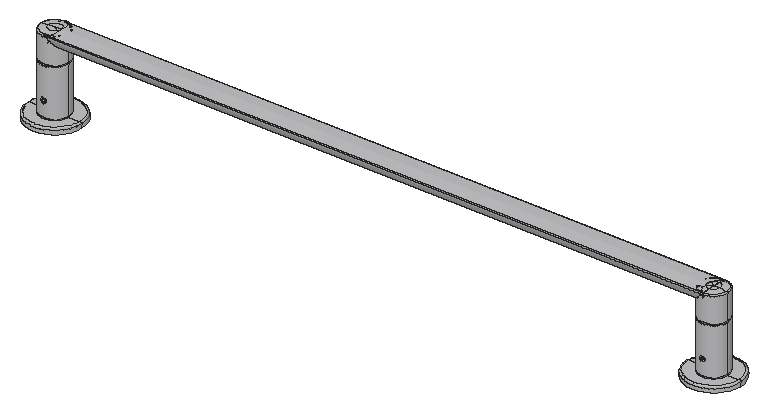
Revit family "Accessory-Towel_Bar-KALLISTA-Capsule-P34137", category Specialty Equipment, host Face, Revit 2021
Family settings
  Host = Face
  Round Connector Dimension = Use Diameter
  Part Type = Normal
  OmniClass Number = 23.31.25.00
  OmniClass Title = Toilet and Bath Specialties
  Cut with Voids When Loaded = No
  Shared = No
  Room Calculation Point = No
Parameters (values of type "CP-Chrome")
  Width = 2 61/64"  # constant formula
  WaterSense Certified = 1 = 0  # no
  URL = "https://www.kallista.com/"
  Type = 1
  Product Page URL = ""
  Product Name = "Capsule"  # constant formula
  Product Documentation Link = ""
  Model = if(Type = 1, "P34137-00-CP", if(Type = 2, "P34137-00-SN", if(Type = 3, "P34137-00-BAF", if(Type = 4, "P34137-00-BL", if(Type = 5, "P34137-00-BN", "NA")))))  # "P34137-00-CP"
  Material = "Premium Metal Construction"  # constant formula
  Master Format 2014 Name = "Toilet, Bath, and Laundry Accessories"  # constant formula
  Master Format 2014 = "10 28 00"  # constant formula
  Manufacturer Address = "444 Highland Dr, Kohler, WI 53044"  # constant formula
  Manufacturer = "Kallista Co."  # constant formula
  Length = 25 31/32"  # constant formula
  Height = 1 31/32"  # constant formula
  Finish = Kallista-Metal-CP-Chrome
  Environmental Product Declaration = ""
  Description = "Capsule 24 Towel bar"  # constant formula
  Default Elevation = 42"
  Declare Label = ""
  Date Modified = "08/29/2023"  # constant formula
  Date Created = "08/29/2023"  # constant formula
  Copyright = "Copyright Kallista Co."  # constant formula
  Contact Us = "https://www.kallista.com/corporate/contact-us/"
  Assembly Code = "C1030200"
  ADA Compliant = 1 = 0  # no
Types (6): name | Type | Model | Finish
  (no name) | 1 | "P34137-00-CP" | Kallista-Metal-CP-Chrome
  CP-Chrome | 1 | "P34137-00-CP" | Kallista-Metal-CP-Chrome
  SN-Polished Nickel | 2 | "P34137-00-SN" | Kallista-Metal-SN-Polished_Nickel
  BAF-Brushed French Gold | 3 | "P34137-00-BAF" | Kallista-Metal-BAF-Brushed_French_Gold
  BL-Matte Black | 4 | "P34137-00-BL" | Kalista-Metal-BL-Matte_Black
  BN-Brushed Nickel | 5 | "P34137-00-BN" | Kallista-Metal-BN-Brushed_Nickel
Reference planes (in)
  plane 1 "Center (Front/Back)": y = 0
  plane 2: z = 0
  plane 3 "Center (Left/Right)": x = 0
  plane 4: y = 0.98425
  plane 5: y = -0.9845
  plane 6: y = 0.50984
  plane 7: y = -0.50984
  plane 8: x = -12.98425
  plane 9: x = -11.01575
  plane 10: x = -11.49016
  plane 11: x = -12
  plane 12: x = -12.50984
  plane 13: x = 12.9845
  plane 14: x = 12.50984
  plane 15: x = 12
  plane 16: x = 11.49016
  plane 17: x = 11.01599
  plane 18: z = 2.95312
  plane 19: z = 2.9252
  plane 20: z = 0.19685
  plane 21: z = 2.44919
Dimensions and locks (in)
  plane 8 to plane 13 = 25 31/32"
  plane 8 to plane 9 = 1.9685"
  plane 17 to plane 13 = 1.9685"
  plane 16 to plane 14 = 1.01969"  (x2)
  plane 12 to plane 10 = 1.01969"  (x2)
  plane 11 to plane 15 = 24"
  plane 4 to plane 5 = 1 31/32"  (x2)
  plane 6 to plane 7 = 1.01969"
  "Height": plane 4 to plane 5
  "Length": plane 8 to plane 13
  "Width": plane 18 to plane 2
  plane 2 to plane 19 = 2.9252"
  plane 2 to plane 20 = 0.19685"  (x2)
  plane 21 to plane 18 = 0.50394"
  plane 18 to plane 2 = 2 61/64"
  aligned and locked: plane 2 to host face
  aligned and locked: level to host face
Automatic sketch dimensions
  host sketch curve to host sketch curve = 96"  (x2)
Nested families (in)
  nested 1: "P34137" at (0, 0, 0), type "P34137"
Definition of nested family "P34137"
  Parameters
    Material = none
    Default Elevation = 0"
  Reference planes (in)
    plane 1 "Center (Front/Back)": y = 0
    plane 2: z = 0
    plane 3 "Center (Left/Right)": x = 0
    plane 4: z = 2.44882
    plane 5: z = 2.9252
    plane 6: z = 0.19685
    plane 7: z = 2.95276
    plane 8: y = 0.98425
    plane 9: y = -0.98425
    plane 10: y = -0.50984
    plane 11: y = 0.50984
    plane 12: x = 12
    plane 13: x = -12
    plane 14: x = -12.98425
    plane 15: x = 12.98425
    plane 16: x = -11.01575
    plane 17: x = 11.01575
    plane 18: x = 12.50984
    plane 19: x = 11.49016
    plane 20: x = -11.49016
    plane 21: x = -12.50984
  Forms (in)
    Extrusion 1, solid, material <- "Material", detail levels medium+fine
      sketch origin (0, 0, 0) x (0, 1, 0) y (0, 0, 1)
        loop
          arc (-0.47114, 2.91944) -> (-0.49705, 2.90388) -> (-0.50407, 2.87448) r 0.039
          arc (-0.50407, 2.87448) -> (0, 2.44685) -> (0.50407, 2.87448) r 0.5109
          arc (0.50407, 2.87448) -> (0.49705, 2.90388) -> (0.47114, 2.91944) r 0.039
          arc (0.47114, 2.91944) -> (0, 2.95314) -> (-0.47114, 2.91944) r 3.31001
      from -11.99786 to 12.0007
    Revolve 2, solid, material <- "Material", detail levels medium+fine
      sketch origin (-3.00168, 0, 0) x (1, 0, 0) y (0, 0, 1)
        loop
          line (-9, 0.19685) -> (-9.92679, 0.19685)
          arc (-9.92679, 0.19685) -> (-9.96742, 0.18002) -> (-9.98425, 0.13939) r 0.05746
          line (-9.98425, 0.13939) -> (-9.98425, 0) -> (-9, 0) -> (-9, 0.19685)
        axis (-9, 0.19685) -> (-9, 0)
      angle from 0 to 360
    Revolve 3, solid, material <- "Material", detail levels medium+fine
      sketch origin (3.00434, 0, 0) x (-1, 0, 0) y (0, 0, -1)
        loop
          line (-9, -0.19685) -> (-9, 0) -> (-9.98425, 0) -> (-9.98425, -0.13939)
          arc (-9.98425, -0.13939) -> (-9.96742, -0.18002) -> (-9.92679, -0.19685) r 0.05746
          line (-9.92679, -0.19685) -> (-9, -0.19685)
        axis (-9, -0.19685) -> (-9, 0)
      angle from 0 to 360
    Revolve 4, solid, material <- "Material", detail levels medium+fine
      sketch origin (-3.00168, 0, 0) x (1, 0, 0) y (0, 0, 1)
        loop
          line (-9, 1.9476) -> (-9.4895, 1.9476)
          arc (-9.4895, 1.9476) -> (-9.50388, 1.94165) -> (-9.50984, 1.92726) r 0.02034
          line (-9.50984, 1.92726) -> (-9.50984, 0.21695)
          arc (-9.50984, 0.21695) -> (-9.50396, 0.20274) -> (-9.48975, 0.19685) r 0.02009
          line (-9.48975, 0.19685) -> (-9, 0.19685) -> (-9, 1.9476)
        axis (-9, 1.9476) -> (-9, 0.19685)
      angle from 0 to 360
    Revolve 5, solid, material <- "Material", detail levels medium+fine
      sketch origin (3.00434, 0, 0) x (-1, 0, 0) y (0, 0, -1)
        loop
          line (-9, -1.9476) -> (-9, -0.19685) -> (-9.48975, -0.19685)
          arc (-9.48975, -0.19685) -> (-9.50396, -0.20274) -> (-9.50984, -0.21695) r 0.02009
          line (-9.50984, -0.21695) -> (-9.50984, -1.92726)
          arc (-9.50984, -1.92726) -> (-9.50388, -1.94165) -> (-9.4895, -1.9476) r 0.02034
          line (-9.4895, -1.9476) -> (-9, -1.9476)
        axis (-9, -1.9476) -> (-9, -0.19685)
      angle from 0 to 360
    Revolve 6, solid, material <- "Material", detail levels medium+fine
      sketch origin (-3.00168, 0, 0) x (1, 0, 0) y (0, 0, 1)
        loop
          arc (-9, 2.95253) -> (-9.11451, 2.95022) -> (-9.22891, 2.94453) r 3.86873
          arc (-9.22891, 2.94453) -> (-9.35299, 2.934) -> (-9.47655, 2.91848) r 3.08924
          arc (-9.47655, 2.91848) -> (-9.50035, 2.90542) -> (-9.50982, 2.87998) r 0.0389
          line (-9.50982, 2.87998) -> (-9.50982, 1.96836)
          arc (-9.50982, 1.96836) -> (-9.50386, 1.95395) -> (-9.48945, 1.94798) r 0.02037
          line (-9.48945, 1.94798) -> (-9, 1.94798) -> (-9, 2.95253)
        axis (-9, 2.95253) -> (-9, 1.94798)
      angle from 0 to 360
    Revolve 7, solid, material <- "Material", detail levels medium+fine
      sketch origin (3.00434, 0, 0) x (-1, 0, 0) y (0, 0, -1)
        loop
          line (-9, -2.95253) -> (-9, -1.94798) -> (-9.48945, -1.94798)
          arc (-9.48945, -1.94798) -> (-9.50386, -1.95395) -> (-9.50982, -1.96836) r 0.02037
          line (-9.50982, -1.96836) -> (-9.50982, -2.87998)
          arc (-9.50982, -2.87998) -> (-9.50035, -2.90542) -> (-9.47655, -2.91848) r 0.0389
          arc (-9.47655, -2.91848) -> (-9.35299, -2.934) -> (-9.22891, -2.94453) r 3.08924
          arc (-9.22891, -2.94453) -> (-9.11451, -2.95022) -> (-9, -2.95253) r 3.86873
        axis (-9, -2.95253) -> (-9, -1.94798)
      angle from 0 to 360
    Extrusion 8, void
      sketch origin (-3.00168, 0, 0) x (1, 0, 0) y (0, 0, 1)
        loop
          line (-8.97159, 0.83661) -> (-9.02841, 0.83661) -> (-9.05682, 0.7874) -> (-9.02841, 0.73819) -> (-8.97159, 0.73819) -> (-8.94317, 0.7874) -> (-8.97159, 0.83661)
      from 0.27559 to 0.92458
    Blend 9, void
      base sketch origin (-3.00168, 0, 0) x (1, 0, 0) y (0, 0, 1)
        loop
          circle (-9.0011, 0.78764) r 0.07764
      top sketch origin (-3.00168, 0, 0) x (1, 0, 0) y (0, 0, 1)
        loop
          circle (-9.0011, 0.78764) r 0.10378
      from 0.20301 to 0.64422
    Extrusion 10, solid, detail levels medium+fine
      sketch origin (-3.00168, 0, 0) x (1, 0, 0) y (0, 0, 1)
        loop
          circle (-8.99806, 0.78716) r 0.0837
      from 0.44644 to 0.4968
    Extrusion 11, void
      sketch origin (3.00134, 0, 0) x (-1, 0, 0) y (0, 0, -1)
        loop
          line (-8.97159, -0.83661) -> (-8.94317, -0.7874) -> (-8.97159, -0.73819) -> (-9.02841, -0.73819) -> (-9.05682, -0.7874) -> (-9.02841, -0.83661) -> (-8.97159, -0.83661)
      from 0.27559 to 0.92458
    Blend 12, void
      base sketch origin (3.00155, 0, 0) x (-1, 0, 0) y (0, 0, -1)
        loop
          circle (-9.0011, -0.78764) r 0.07764
      top sketch origin (3.00155, 0, 0) x (-1, 0, 0) y (0, 0, -1)
        loop
          circle (-9.0011, -0.78764) r 0.10378
      from 0.20301 to 0.64422
    Extrusion 13, solid, detail levels medium+fine
      sketch origin (3.00434, 0, 0) x (-1, 0, 0) y (0, 0, -1)
        loop
          circle (-8.99806, -0.78716) r 0.0837
      from 0.44644 to 0.4968
    Extrusion 14, void
      sketch origin (-3.00174, 0, 0) x (1, 0, 0) y (0, 1, 0)
        loop
          circle (-7.20381, -0.00084) r 0.07874
      from 2.44685 to 2.5183
    Extrusion 15, solid, detail levels medium+fine
      sketch origin (-3.00197, 0, 0) x (1, 0, 0) y (0, 1, 0)
        loop
          circle (-7.20381, -0.00084) r 0.07539
      from 2.44685 to 2.50138
    Extrusion 16, void
      sketch origin (3.00174, 0, 0) x (-1, 0, 0) y (0, -1, 0)
        loop
          circle (-7.20381, 0.00084) r 0.07874
      from 2.44685 to 2.5183
    Extrusion 17, solid, detail levels medium+fine
      sketch origin (3.00197, 0, 0) x (-1, 0, 0) y (0, -1, 0)
        loop
          circle (-7.20381, 0.00084) r 0.07539
      from 2.44685 to 2.50138
    Revolve 18, solid, material <- "Material", detail levels coarse
      sketch origin (0, 0, 0) x (1, 0, 0) y (0, 0, 1)
        loop
          line (-12, 2.95374) -> (-12.47449, 2.91914)
          arc (-12.47449, 2.91914) -> (-12.49782, 2.90795) -> (-12.50729, 2.88386) r 0.03537
          line (-12.50729, 2.88386) -> (-12.50729, 0.19685) -> (-12.98425, 0.19685) -> (-12.98425, 0) -> (-12, 0) -> (-12, 2.95374)
        axis (-12, 2.95374) -> (-12, 0)
      angle from 0 to 360
    Revolve 19, solid, material <- "Material", detail levels coarse
      sketch origin (0, 0, 0) x (-1, 0, 0) y (0, 0, -1)
        loop
          line (-12, -2.95374) -> (-12, 0) -> (-12.98425, 0) -> (-12.98425, -0.19685) -> (-12.50729, -0.19685) -> (-12.50729, -2.88386)
          arc (-12.50729, -2.88386) -> (-12.49782, -2.90795) -> (-12.47449, -2.91914) r 0.03537
          line (-12.47449, -2.91914) -> (-12, -2.95374)
        axis (-12, -2.95374) -> (-12, 0)
      angle from 0 to 360
    Extrusion 20, solid, material <- "Material", detail levels coarse
      sketch origin (0, 0, 0) x (0, 1, 0) y (0, 0, 1)
        loop
          arc (-0.509, 2.91377) -> (0, 2.44685) -> (0.509, 2.91377) r 0.5109
          arc (0.509, 2.91377) -> (0, 2.95314) -> (-0.509, 2.91377) r 3.31001
      from -11.98712 to 12.00023
    Extrusion 21, solid, detail levels coarse
      sketch origin (0, 0, 0) x (1, 0, 0) y (0, 0, 1)
        loop
          circle (-11.99532, 0.78526) r 0.10125
        loop
          circle (11.99532, 0.78526) r 0.10125
      from 0.43867 to 0.51353
    Extrusion 22, solid, detail levels coarse
      sketch origin (0, 0, 0) x (1, 0, 0) y (0, 1, 0)
        loop
          circle (10.20304, 0.00002) r 0.07684
        loop
          circle (-10.20304, 0.00002) r 0.07684
      from 2.41638 to 2.59849
  Cuts and joins
    Blend 12 cuts Revolve 2
    Blend 12, Extrusion 14, Extrusion 16 cuts Extrusion 1
    Blend 12 cuts Revolve 5
    Blend 12 cuts Revolve 3
    Blend 9, Blend 12 cuts Revolve 4
    Extrusion 8, Extrusion 11, Blend 12 cuts Extrusion 10
    Extrusion 11 cuts Extrusion 13
    joined: Revolve 18, Revolve 19
  Lines and regions (in)
    Masking region 1
      outline origin (0, 0, 0) x (1, 0, 0) y (0, 1, 0)
        loop
          line (11.15809, 0.50984) -> (-11.15809, 0.50984)
          arc (-11.15809, 0.50984) -> (-12.98425, 0) -> (-11.15809, -0.50984) r 0.98425
          line (-11.15809, -0.50984) -> (11.15809, -0.50984)
          arc (11.15809, -0.50984) -> (12.98425, 0) -> (11.15809, 0.50984) r 0.98425
    Masking region 2
      outline origin (0, 0, 0) x (1, 0, 0) y (0, 0, 1)
        loop
          line (12.01778, 2.95276) -> (0, 2.95276) -> (-12.01778, 2.95276)
          arc (-12.01778, 2.95276) -> (-12.24891, 2.94409) -> (-12.47874, 2.91815) r 3.0871
          arc (-12.47874, 2.91815) -> (-12.501, 2.90584) -> (-12.50984, 2.882) r 0.03656
          line (-12.50984, 2.882) -> (-12.50984, 1.96999)
          arc (-12.50984, 1.96999) -> (-12.50335, 1.95433) -> (-12.48769, 1.94784) r 0.02215
          arc (-12.48769, 1.94784) -> (-12.50335, 1.94135) -> (-12.50984, 1.92569) r 0.02215
          line (-12.50984, 1.92569) -> (-12.50984, 0.22163)
          arc (-12.50984, 0.22163) -> (-12.50567, 0.20703) -> (-12.4944, 0.19685) r 0.0276
          line (-12.4944, 0.19685) -> (-12.92701, 0.19685)
          arc (-12.92701, 0.19685) -> (-12.96749, 0.18009) -> (-12.98425, 0.13961) r 0.05724
          line (-12.98425, 0.13961) -> (-12.98425, 0) -> (-12.00134, 0) -> (-11.01575, 0) -> (-11.01575, 0.13961)
          arc (-11.01575, 0.13961) -> (-11.03251, 0.18009) -> (-11.07299, 0.19685) r 0.05724
          line (-11.07299, 0.19685) -> (-11.5056, 0.19685)
          arc (-11.5056, 0.19685) -> (-11.49433, 0.20703) -> (-11.49016, 0.22163) r 0.0276
          line (-11.49016, 0.22163) -> (-11.49016, 1.92569)
          arc (-11.49016, 1.92569) -> (-11.49665, 1.94135) -> (-11.51231, 1.94784) r 0.02215
          arc (-11.51231, 1.94784) -> (-11.49665, 1.95433) -> (-11.49016, 1.96999) r 0.02215
          line (-11.49016, 1.96999) -> (-11.49016, 2.11402)
          arc (-11.49016, 2.11402) -> (-11.48217, 2.16607) -> (-11.46945, 2.21716) r 0.57451
          arc (-11.46945, 2.21716) -> (-11.36745, 2.3695) -> (-11.19724, 2.43759) r 0.31004
          arc (-11.19724, 2.43759) -> (-11.08049, 2.44464) -> (-10.96356, 2.44699) r 2.90964
          line (-10.96356, 2.44699) -> (10.96356, 2.44882)
          arc (10.96356, 2.44882) -> (11.08049, 2.44464) -> (11.19724, 2.43759) r 2.90964
          arc (11.19724, 2.43759) -> (11.36745, 2.3695) -> (11.46945, 2.21716) r 0.31004
          arc (11.46945, 2.21716) -> (11.48217, 2.16607) -> (11.49016, 2.11402) r 0.57451
          line (11.49016, 2.11402) -> (11.49016, 1.96999)
          arc (11.49016, 1.96999) -> (11.49665, 1.95433) -> (11.51231, 1.94784) r 0.02215
          arc (11.51231, 1.94784) -> (11.49665, 1.94135) -> (11.49016, 1.92569) r 0.02215
          line (11.49016, 1.92569) -> (11.49016, 0.22163)
          arc (11.49016, 0.22163) -> (11.49433, 0.20703) -> (11.5056, 0.19685) r 0.0276
          line (11.5056, 0.19685) -> (11.07299, 0.19685)
          arc (11.07299, 0.19685) -> (11.03251, 0.18009) -> (11.01575, 0.13961) r 0.05724
          line (11.01575, 0.13961) -> (11.01575, 0) -> (12.00134, 0) -> (12.98425, 0) -> (12.98425, 0.13961)
          arc (12.98425, 0.13961) -> (12.96749, 0.18009) -> (12.92701, 0.19685) r 0.05724
          line (12.92701, 0.19685) -> (12.4944, 0.19685)
          arc (12.4944, 0.19685) -> (12.50567, 0.20703) -> (12.50984, 0.22163) r 0.0276
          line (12.50984, 0.22163) -> (12.50984, 1.92569)
          arc (12.50984, 1.92569) -> (12.50335, 1.94135) -> (12.48769, 1.94784) r 0.02215
          arc (12.48769, 1.94784) -> (12.50335, 1.95433) -> (12.50984, 1.96999) r 0.02215
          line (12.50984, 1.96999) -> (12.50984, 2.882)
          arc (12.50984, 2.882) -> (12.501, 2.90584) -> (12.47874, 2.91815) r 0.03656
          arc (12.47874, 2.91815) -> (12.24891, 2.94409) -> (12.01778, 2.95276) r 3.0871
    Masking region 3
      outline origin (0, 0, 0) x (0, 1, 0) y (0, 0, 1)
        loop
          line (-0.92996, 0.19685) -> (-0.49079, 0.19685)
          arc (-0.49079, 0.19685) -> (-0.50456, 0.20663) -> (-0.50984, 0.22267) r 0.02702
          line (-0.50984, 0.22267) -> (-0.50984, 1.92271)
          arc (-0.50984, 1.92271) -> (-0.50483, 1.93808) -> (-0.49173, 1.94754) r 0.02608
          arc (-0.49173, 1.94754) -> (-0.50481, 1.9565) -> (-0.50984, 1.97152) r 0.02493
          line (-0.50984, 1.97152) -> (-0.50984, 2.88031)
          arc (-0.50984, 2.88031) -> (-0.5004, 2.90565) -> (-0.47669, 2.91864) r 0.03873
          arc (-0.47669, 2.91864) -> (-0.00059, 2.95314) -> (0.47551, 2.91881) r 3.31001
          arc (0.47551, 2.91881) -> (0.50007, 2.90537) -> (0.50984, 2.87913) r 0.04009
          line (0.50984, 2.87913) -> (0.50984, 1.97152)
          arc (0.50984, 1.97152) -> (0.50481, 1.9565) -> (0.49173, 1.94754) r 0.02493
          arc (0.49173, 1.94754) -> (0.50483, 1.93808) -> (0.50984, 1.92271) r 0.02608
          line (0.50984, 1.92271) -> (0.50984, 0.22267)
          arc (0.50984, 0.22267) -> (0.50456, 0.20663) -> (0.49079, 0.19685) r 0.02702
          line (0.49079, 0.19685) -> (0.92996, 0.19685)
          arc (0.92996, 0.19685) -> (0.96835, 0.18095) -> (0.98425, 0.14256) r 0.05429
          line (0.98425, 0.14256) -> (0.98425, 0) -> (-0.98425, 0) -> (-0.98425, 0.13818)
          arc (-0.98425, 0.13818) -> (-0.96707, 0.17967) -> (-0.92558, 0.19685) r 0.05867
    symbolic lines, detail levels medium+fine
      curve 1: arc (11.23676, -0.50984, 0) -> (12.91786, 0, 0) -> (11.23676, 0.50984, 0) r 0.91786
      curve 2: arc (-11.23432, 0.50984, 0) -> (-12.9199, 0, 0) -> (-11.23432, -0.50984, 0) r 0.9199
      curve 3: line (-10.74661, 0.50984, 0) -> (-12.00139, 0.50984, 0)
      curve 4: line (-10.84636, -0.50984, 0) -> (-12.00139, -0.50984, 0)
      curve 5: arc (-12.00139, 0.50984, 0) -> (-12.51124, 0, 0) -> (-12.00139, -0.50984, 0) r 0.50984
      curve 6: line (-10.9897, -0.47114, 0) -> (-11.99609, -0.47114, 0)
      curve 7: line (-10.99896, 0.47114, 0) -> (-11.99609, 0.47114, 0)
      curve 8: arc (-11.99609, 0.47114, 0) -> (-12.46723, 0, 0) -> (-11.99609, -0.47114, 0) r 0.47114
      curve 9: line (-10.99896, 0.50984, 0) -> (-10.99896, -0.50984, 0)
      curve 10: line (-10.9897, -0.50984, 0) -> (-10.9897, 0.50984, 0)
      curve 11: line (10.99896, 0.50984, 0) -> (12.00139, 0.50984, 0)
      curve 12: line (10.99896, -0.50984, 0) -> (12.00139, -0.50984, 0)
      curve 13: arc (12.00139, 0.50984, 0) -> (12.51124, 0, 0) -> (12.00139, -0.50984, 0) r 0.50984
      curve 14: line (10.9897, -0.47114, 0) -> (11.99609, -0.47114, 0)
      curve 15: line (10.9897, 0.47114, 0) -> (11.99609, 0.47114, 0)
      curve 16: arc (11.99609, 0.47114, 0) -> (12.46723, 0, 0) -> (11.99609, -0.47114, 0) r 0.47114
      curve 17: line (10.99896, 0.50984, 0) -> (10.99896, -0.50984, 0)
      curve 18: line (10.9897, -0.50984, 0) -> (10.9897, 0.50984, 0)
      curve 19: line (12.98425, 0, 0.13961) -> (11.01575, 0, 0.13961)
      curve 20: line (12.4944, 0, 0.19685) -> (11.5056, 0, 0.19685)
      curve 21: line (12.50984, 0, 0.22163) -> (11.49016, 0, 0.22163)
      curve 22: line (12.50984, 0, 1.96999) -> (11.49016, 0, 1.96999)
      curve 23: line (12.50984, 0, 1.92569) -> (11.49016, 0, 1.92569)
      curve 24: line (12.48769, 0, 1.94784) -> (11.51231, 0, 1.94784)
      curve 25: line (10.9924, 0, 2.95276) -> (10.9924, 0, 2.44685)
      curve 26: line (11.00059, 0, 2.44676) -> (11.00059, 0, 2.95177)
      curve 27: line (12.47874, 0, 2.91815) -> (10.9924, 0, 2.91815)
      curve 28: line (12.50984, 0, 2.882) -> (10.9924, 0, 2.882)
      curve 29: line (-12.98425, 0, 0.13961) -> (-11.01575, 0, 0.13961)
      curve 30: line (-12.4944, 0, 0.19685) -> (-11.5056, 0, 0.19685)
      curve 31: line (-12.50984, 0, 0.22163) -> (-11.49016, 0, 0.22163)
      curve 32: line (-12.50984, 0, 1.96999) -> (-11.49016, 0, 1.96999)
      curve 33: line (-12.50984, 0, 1.92569) -> (-11.49016, 0, 1.92569)
      curve 34: line (-12.48769, 0, 1.94784) -> (-11.51231, 0, 1.94784)
      curve 35: line (-10.9924, 0, 2.95276) -> (-10.9924, 0, 2.44685)
      curve 36: line (-11.00059, 0, 2.44676) -> (-11.00059, 0, 2.95177)
      curve 37: line (-12.47874, 0, 2.91815) -> (-10.9924, 0, 2.91815)
      curve 38: line (-12.50984, 0, 2.882) -> (-10.9924, 0, 2.882)
      curve 39: line (0, 0.50984, 2.87913) -> (0, -0.50851, 2.87913)
      curve 40: line (0, 0.47551, 2.91881) -> (0, -0.47243, 2.91881)
      curve 41: line (0, 0.50984, 0.22267) -> (0, -0.50984, 0.22267)
      curve 42: line (0, 0.49079, 0.19685) -> (0, -0.49079, 0.19685)
      curve 43: line (0, 0.98425, 0.13794) -> (0, -0.98425, 0.13794)
      curve 44: line (0, 0.49173, 1.94754) -> (0, -0.49173, 1.94754)
      curve 45: line (0, 0.50984, 1.97152) -> (0, -0.50984, 1.97152)
      curve 46: line (0, 0.50984, 1.92271) -> (0, -0.50984, 1.92271)
  Dimensions and locks (in)
    plane 6 to level = 0.19685"
    plane 7 to level = 2.95276"
    plane 8 to plane 9 = 1.9685"
    plane 11 to plane 10 = 1.01969"
    plane 7 to plane 2 = 2.95276"
    plane 2 to plane 4 = 2.44882"
    plane 4 to plane 5 = 0.47638"
    plane 2 to plane 6 = 0.19685"
    plane 9 to plane 8 = 1.9685"  (x2)
    plane 13 to plane 12 = 24"
    plane 14 to plane 15 = 25.9685"
    plane 14 to plane 16 = 1.9685"  (x2)
    plane 17 to plane 15 = 1.9685"
    plane 6 to plane 2 = 0.19685"
    plane 15 to plane 14 = 25.9685"
    plane 15 to plane 17 = 1.9685"
    plane 20 to plane 21 = 1.01969"
    plane 18 to plane 19 = 1.01969"
    aligned and locked: plane 2 to level
